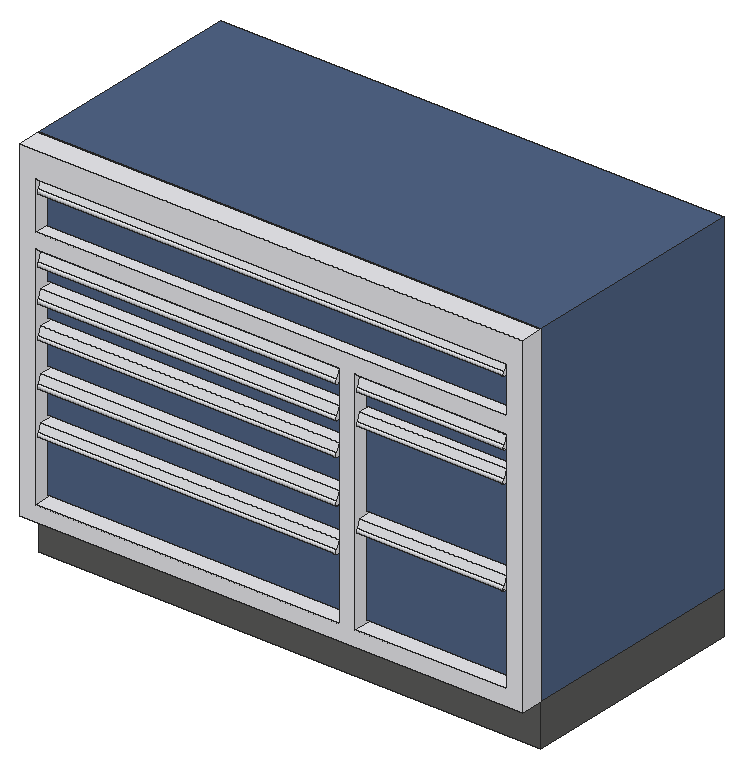
Revit family "Cabinet_Big-Drawer_No-Doors_Moduline", category Furniture, Revit 2023
Family settings
  OmniClass Number = 23.40.20.00
  OmniClass Title = General Furniture and Specialties
  Work Plane-Based = No
  Enable Cutting in Views = No
  Always vertical = Yes
  Cut with Voids When Loaded = No
  Render Appearance Source = Family Geometry
  Shared = No
  Room Calculation Point = No
Parameters (values of type "32"H x 24"D x 48"W")
  Width = 48.000"
  URL = "https://modulinecabinets.com"
  Toe Kick Material [instance] = Metal - Moduline Aluminum Cabinets - Black
  Toe Kick Height [instance] = if(Toe Kick 2in, 2.000", 4.000")  # 4.000"
  Toe Kick 4in [instance] = not(Toe Kick 2in)  # yes
  Toe Kick 2in [instance] = no
  Right Drawers Segment Length = if(Width = 48.000", 14.000", if(Width = 60.000", 22.500", 0.000"))  # 14.000"
  Product Page URL = "https://www.arcat.com/company/moduline-aluminum-cabinets-54175"
  Model = "Pro II Big Drawer Units"
  Manufacturer = "Moduline Aluminum Cabinets"
  Left Drawers Segment Length = if(Width = 60.000", 32.000", if(Width = 48.000", 28.500", 0.000"))  # 28.500"
  Keynote = "12 35 00"
  Height = 31.875"
  Handle Length = Width - 3.500"  # 44.500"
  Frame Material [instance] = Aluminum - Moduline Aluminum Cabinets - Clear Anodized
  Drawer Clearance = if(Depth = 24.000", 20.750", if(Depth = 18.000", 14.750", 0.000"))  # 20.750"
  Description = "Modular Big Drawer Unit, 32\" Height x 24\" Depth x 48\" Width"
  Depth = 24.000"  # constant formula
  Default Elevation = 0.000"
  Copyright = "ARCAT"
  Cabinet Material [instance] = Aluminum - Moduline Aluminum Cabinets - Moduline Blue
  36" Height Drawers Configuration = no
  32" Height Drawers Configuration = yes
Types (4): name | Width | Right Drawers Segment Length | Left Drawers Segment Length | Height | Handle Length | Description | 36" Height Drawers Configuration | 32" Height Drawers Configuration
  32"H x 24"D x 48"W | 48.000" | 14.000" | 28.500" | 31.875" | 44.500" | "Modular Big Drawer Unit, 32\" Height x 24\" Depth x 48\" Width" | no | yes
  36"H x 24"D x 60"W | 60.000" | 22.500" | 32.000" | 35.875" | 56.500" | "Modular Big Drawer Unit, 36\" Height x 24\" Depth x 60\" Width" | yes | no
  36"H x 24"D x 48"W | 48.000" | 14.000" | 28.500" | 35.875" | 44.500" | "Modular Big Drawer Unit, 36\" Height x 24\" Depth x 48\" Width" | yes | no
  32"H x 24"D x 60"W | 60.000" | 22.500" | 32.000" | 31.875" | 56.500" | "Modular Big Drawer Unit, 32\" Height x 24\" Depth x 60\" Width" | no | yes
Reference planes (in)
  plane 1 "Center Front/Back": y = 0
  plane 2 "Bottom": z = 0
  plane 3 "Center Left/Right": x = 0
  plane 4 "Top": z = 35.875
  plane 5 "Left": x = -24
  plane 6 "Right": x = 24
  plane 7 "Toe Kick Height": z = 4
  plane 8 "Front": y = -24
  plane 9 "Frame Back": y = -21.81448
  plane 10 "Drawer Handle": y = -22.31448
  plane 11 "Left Door/Drawer": x = -22.25
  plane 12 "Left Left Door/Drawer": x = 6.25
  plane 13 "Right Door/Drawer": x = 8.25
  plane 14 "Right Right Door/Drawer": x = 22.25
Forms (in)
  Extrusion 1, solid, material "Metal - Moduline Aluminum Cabinets - Black" <- "Toe Kick Material"
    sketch origin (0, 0, 0) x (0, 1, 0) y (0, 0, 1)
      loop
        line (-21.81448, 4) -> (-21.81448, 0) -> (0, 0) -> (0, 4) -> (-21.81448, 4)
    from -24 to 24
  Extrusion 2, solid, material "Aluminum - Moduline Aluminum Cabinets - Clear Anodized" <- "Frame Material"
    sketch origin (0, 0, 0) x (1, 0, 0) y (0, 0, 1)
      loop
        line (-24, 35.875) -> (-24, 4) -> (24, 4) -> (24, 35.875) -> (-24, 35.875)
      loop
        line (-22.5, 33.38183) -> (-22.5, 28.85618) -> (22.5, 28.85618) -> (22.5, 33.38183) -> (-22.5, 33.38183)
      loop
        line (-22.5, 5.5) -> (6.5, 5.5) -> (6.5, 27.36196) -> (-22.5, 27.36196) -> (-22.5, 5.5)
      loop
        line (22.5, 5.5) -> (22.5, 27.36196) -> (8, 27.36196) -> (8, 5.5) -> (22.5, 5.5)
    from 21.81448 to 24
  Extrusion 3, solid, material "Aluminum - Moduline Aluminum Cabinets - Moduline Blue" <- "Cabinet Material", visible <- "32" Height Drawers Configuration"
    sketch origin (0, 0, 0) x (1, 0, 0) y (0, 0, 1)
      loop
        line (-22.25, 12.14196) -> (-22.25, 5.9) -> (6.25, 5.9) -> (6.25, 12.14196) -> (-22.25, 12.14196)
      loop
        line (-22.25, 16.28696) -> (-22.25, 12.78696) -> (6.25, 12.78696) -> (6.25, 16.28696) -> (-22.25, 16.28696)
      loop
        line (-22.25, 16.93196) -> (6.25, 16.93196) -> (6.25, 20.43196) -> (-22.25, 20.43196) -> (-22.25, 16.93196)
      loop
        line (-22.25, 23.57696) -> (-22.25, 21.07696) -> (6.25, 21.07696) -> (6.25, 23.57696) -> (-22.25, 23.57696)
      loop
        line (-22.25, 24.22196) -> (6.25, 24.22196) -> (6.25, 26.72196) -> (-22.25, 26.72196) -> (-22.25, 24.22196)
      loop
        line (8.25, 14.64196) -> (8.25, 5.9) -> (22.25, 5.9) -> (22.25, 14.64196) -> (8.25, 14.64196)
      loop
        line (8.25, 23.78696) -> (8.25, 15.28696) -> (22.25, 15.28696) -> (22.25, 23.78696) -> (8.25, 23.78696)
      loop
        line (8.25, 24.22196) -> (22.25, 24.22196) -> (22.25, 26.72196) -> (8.25, 26.72196) -> (8.25, 24.22196)
      loop
        line (-22.25, 32.994) -> (-22.25, 28.994) -> (22.25, 28.994) -> (22.25, 32.994) -> (-22.25, 32.994)
    from 21.81448 to 22.89839
  Extrusion 4, solid, material "Aluminum - Moduline Aluminum Cabinets - Moduline Blue" <- "Cabinet Material"
    sketch origin (0, 0, 0) x (0, 1, 0) y (0, 0, 1)
      loop
        line (0, 35.875) -> (-21.81448, 35.875) -> (-21.81448, 4) -> (0, 4) -> (0, 35.875)
    from -24 to 24
  Extrusion 5, solid, material "Aluminum - Moduline Aluminum Cabinets - Moduline Blue" <- "Cabinet Material", visible <- "36" Height Drawers Configuration"
    sketch origin (0, -22.31448, 0) x (0, 0, 1) y (-1, 0, 0)
      loop
        line (36.999, 22.25) -> (32.999, 22.25) -> (32.999, -22.25) -> (36.999, -22.25) -> (36.999, 22.25)
      loop
        line (12.07196, 22.25) -> (5.9, 22.25) -> (5.9, -6.25) -> (12.07196, -6.25) -> (12.07196, 22.25)
      loop
        line (16.21696, 22.25) -> (12.71696, 22.25) -> (12.71696, -6.25) -> (16.21696, -6.25) -> (16.21696, 22.25)
      loop
        line (20.36196, 22.25) -> (16.86196, 22.25) -> (16.86196, -6.25) -> (20.36196, -6.25) -> (20.36196, 22.25)
      loop
        line (21.00696, 22.25) -> (21.00696, -6.25) -> (24.50696, -6.25) -> (24.50696, 22.25) -> (21.00696, 22.25)
      loop
        line (25.15196, 22.25) -> (25.15196, -6.25) -> (27.65196, -6.25) -> (27.65196, 22.25) -> (25.15196, 22.25)
      loop
        line (30.79696, 22.25) -> (28.29696, 22.25) -> (28.29696, -6.25) -> (30.79696, -6.25) -> (30.79696, 22.25)
      loop
        line (5.9, -8.25) -> (5.9, -22.25) -> (16.4, -22.25) -> (16.4, -8.25) -> (5.9, -8.25)
      loop
        line (30.555, -8.25) -> (28.055, -8.25) -> (28.055, -22.25) -> (30.555, -22.25) -> (30.555, -8.25)
      loop
        line (27.41781, -8.25) -> (16.91781, -8.25) -> (16.91781, -22.25) -> (27.41781, -22.25) -> (27.41781, -8.25)
    from -0.5 to 0.58391
Lines and regions (in)
  Masking region 1
    outline origin (0, 0, 0) x (1, 0, 0) y (0, 1, 0)
      loop
        line (-24, 0) -> (-24, -24) -> (24, -24) -> (24, 0) -> (-24, 0)
  model lines
    curve 1: line (24, 0, 35.3385) -> (24, 0, 35.50732)
  symbolic lines, style "FurnitureHiddenLines"
    curve 2: line (-24, -24, 35.875) -> (-24, -44.75, 35.875)
    curve 3: line (-24, -44.75, 35.875) -> (24, -44.75, 35.875)
    curve 4: line (24, -44.75, 35.875) -> (24, -24, 35.875)
Dimensions and locks (in)
  "Toe Kick Height": plane 7 "Toe Kick Height" to plane 2 "Bottom"
  "Height": plane 4 "Top" to plane 7 "Toe Kick Height"
  "Width": plane 6 "Right" to plane 5 "Left"
  equal spacing: plane 6 "Right", plane 3 "Center Left/Right", plane 5 "Left"
  locked: plane 8 "Front" to Extrusion 1 sketch curve at 2.18552
  plane 9 "Frame Back" to plane 8 "Front" = 2.18552"
  plane 9 "Frame Back" to plane 10 "Drawer Handle" = 0.500"
  "Depth": plane 8 "Front" to plane 1 "Center Front/Back"
  "Drawer Clearance": curve 3 to plane 8 "Front"
  plane 4 "Top" to Extrusion 2 sketch curve = 2.49317"
  plane 10 "Drawer Handle" to plane 8 "Front" = 1.68552"
  Extrusion 2 sketch curve to plane 6 "Right" = 16.000"
  Extrusion 2 sketch curve to plane 6 "Right" = 17.500"
  locked: plane 4 "Top" to Extrusion 2 sketch curve at 7.01882
  locked: plane 4 "Top" to Extrusion 2 sketch curve at 8.51304  (x2)
  plane 11 "Left Door/Drawer" to plane 5 "Left" = 1.750"
  "Left Drawers Segment Length": plane 12 "Left Left Door/Drawer" to plane 11 "Left Door/Drawer"
  locked: Extrusion 2 sketch curve to plane 12 "Left Left Door/Drawer" at 0.25
  locked: Extrusion 2 sketch curve to plane 12 "Left Left Door/Drawer" at 1.75
  locked: Extrusion 3 sketch curve to plane 12 "Left Left Door/Drawer" at 2  (x3)
  locked: plane 4 "Top" to nested 1 at 3.11233
  locked: plane 4 "Top" to nested 4 at 9.38938
  locked: plane 4 "Top" to nested 2 at 12.53438
  locked: plane 4 "Top" to nested 3 at 15.67938
  locked: plane 4 "Top" to nested 5 at 19.82438
  locked: plane 4 "Top" to nested 6 at 23.96938
  "Right Drawers Segment Length": plane 14 "Right Right Door/Drawer" to plane 13 "Right Door/Drawer"
  plane 6 "Right" to plane 14 "Right Right Door/Drawer" = 1.750"
  plane 13 "Right Door/Drawer" to plane 12 "Left Left Door/Drawer" = 2.000"
  locked: plane 4 "Top" to nested 7 at 9.38938
  locked: plane 4 "Top" to nested 8 at 12.32438  (x2)
  locked: plane 4 "Top" to nested 9 at 21.46938
  Extrusion 2 sketch curve to plane 13 "Right Door/Drawer" = 0.250"
  locked: plane 4 "Top" to Extrusion 3 sketch curve at 6.881
  locked: plane 4 "Top" to Extrusion 3 sketch curve at 2.881
  Extrusion 3 sketch curve to Extrusion 3 sketch curve = 2.500"  (x3)
  Extrusion 3 sketch curve to Extrusion 3 sketch curve = 3.500"  (x2)
  Extrusion 3 sketch curve to Extrusion 3 sketch curve = 6.24196"
  Extrusion 3 sketch curve to Extrusion 3 sketch curve = 8.74196"
  Extrusion 3 sketch curve to Extrusion 3 sketch curve = 8.500"
  locked: Extrusion 5 sketch curve to Extrusion 5 sketch curve at 4
  Extrusion 5 sketch curve to Extrusion 5 sketch curve = 2.500"  (x3)
  Extrusion 5 sketch curve to Extrusion 5 sketch curve = 3.500"  (x3)
  Extrusion 5 sketch curve to Extrusion 5 sketch curve = 6.17196"
  Extrusion 5 sketch curve to Extrusion 3 = 10.500"
  Extrusion 5 sketch curve to Extrusion 5 sketch curve = 10.500"
  locked: plane 4 "Top" to nested 10 at 9.31438
  locked: plane 4 "Top" to nested 11 at 12.45938
  locked: plane 4 "Top" to nested 12 at 15.60438
  locked: plane 4 "Top" to nested 13 at 19.74938
  locked: plane 4 "Top" to nested 14 at 23.89438
  locked: plane 4 "Top" to nested 15 at 28.03938
  locked: plane 4 "Top" to nested 16 at 9.31438
  locked: plane 4 "Top" to nested 18 at 23.46938
  Extrusion 3 sketch curve to Extrusion 2 = 0.400"
  aligned and locked: level to plane 2 "Bottom"
  aligned and locked: plane 7 "Toe Kick Height" to Extrusion 1 sketch curve
  aligned and locked: plane 1 "Center Front/Back" to Extrusion 1 sketch curve
  aligned and locked: plane 2 "Bottom" to Extrusion 1 sketch curve
  aligned and locked: plane 6 "Right" to Extrusion 1
  aligned and locked: Extrusion 1 to plane 5 "Left"
  aligned and locked: Extrusion 2 sketch curve to plane 4 "Top"
  aligned and locked: plane 5 "Left" to Extrusion 2 sketch curve
  aligned and locked: Extrusion 2 sketch curve to plane 6 "Right"
  aligned and locked: Extrusion 2 sketch curve to plane 7 "Toe Kick Height"
  aligned and locked: Extrusion 2 to plane 8 "Front"
  aligned and locked: plane 9 "Frame Back" to Extrusion 2
  aligned and locked: plane 9 "Frame Back" to Extrusion 3
  aligned and locked: Masking region 1 sketch curve to plane 6 "Right"
  aligned and locked: plane 1 "Center Front/Back" to Masking region 1 sketch curve
  aligned and locked: plane 5 "Left" to Masking region 1 sketch curve
  aligned and locked: plane 8 "Front" to Masking region 1 sketch curve
  aligned and locked: Extrusion 3 sketch curve to plane 12 "Left Left Door/Drawer"  (x3)
  aligned and locked: plane 12 "Left Left Door/Drawer" to Extrusion 3 sketch curve  (x2)
  aligned and locked: Extrusion 3 sketch curve to plane 11 "Left Door/Drawer"  (x2)
  aligned and locked: plane 11 "Left Door/Drawer" to Extrusion 3 sketch curve  (x3)
  aligned and locked: plane 12 "Left Left Door/Drawer" to nested 4
  aligned and locked: plane 11 "Left Door/Drawer" to nested 4
  aligned and locked: plane 11 "Left Door/Drawer" to nested 2
  aligned and locked: plane 12 "Left Left Door/Drawer" to nested 2
  aligned and locked: plane 12 "Left Left Door/Drawer" to nested 3
  aligned and locked: plane 11 "Left Door/Drawer" to nested 3
  aligned and locked: plane 11 "Left Door/Drawer" to nested 5
  aligned and locked: plane 12 "Left Left Door/Drawer" to nested 5
  aligned and locked: plane 11 "Left Door/Drawer" to nested 6
  aligned and locked: plane 12 "Left Left Door/Drawer" to nested 6
  aligned and locked: plane 11 "Left Door/Drawer" to nested 1
  aligned and locked: plane 14 "Right Right Door/Drawer" to nested 1
  aligned and locked: plane 14 "Right Right Door/Drawer" to nested 7
  aligned and locked: plane 14 "Right Right Door/Drawer" to nested 8
  aligned and locked: plane 14 "Right Right Door/Drawer" to nested 9
  aligned and locked: plane 1 "Center Front/Back" to Extrusion 4 sketch curve
  aligned and locked: Extrusion 4 sketch curve to plane 4 "Top"
  aligned and locked: Extrusion 4 sketch curve to plane 7 "Toe Kick Height"
  aligned and locked: plane 9 "Frame Back" to Extrusion 4 sketch curve
  aligned and locked: plane 6 "Right" to Extrusion 4
  aligned and locked: Extrusion 4 to plane 5 "Left"
  aligned and locked: plane 11 "Left Door/Drawer" to Extrusion 5 sketch curve  (x4)
  aligned and locked: Extrusion 5 sketch curve to plane 14 "Right Right Door/Drawer"  (x2)
  aligned and locked: Extrusion 5 sketch curve to plane 12 "Left Left Door/Drawer"  (x3)
  aligned and locked: Extrusion 5 sketch curve to plane 11 "Left Door/Drawer"
  aligned and locked: plane 12 "Left Left Door/Drawer" to Extrusion 5 sketch curve
  aligned and locked: Extrusion 5 sketch curve to plane 13 "Right Door/Drawer"
  aligned and locked: plane 14 "Right Right Door/Drawer" to Extrusion 5 sketch curve
  aligned and locked: plane 13 "Right Door/Drawer" to Extrusion 5 sketch curve
  aligned and locked: Extrusion 5 to Extrusion 1
  aligned and locked: plane 11 "Left Door/Drawer" to nested 10
  aligned and locked: plane 12 "Left Left Door/Drawer" to nested 10
  aligned and locked: plane 12 "Left Left Door/Drawer" to nested 11
  aligned and locked: plane 11 "Left Door/Drawer" to nested 11
  aligned and locked: plane 11 "Left Door/Drawer" to nested 12
  aligned and locked: plane 12 "Left Left Door/Drawer" to nested 12
  aligned and locked: plane 12 "Left Left Door/Drawer" to nested 13
  aligned and locked: plane 11 "Left Door/Drawer" to nested 13
  aligned and locked: plane 11 "Left Door/Drawer" to nested 14
  aligned and locked: plane 12 "Left Left Door/Drawer" to nested 14
  aligned and locked: plane 11 "Left Door/Drawer" to nested 15
  aligned and locked: plane 12 "Left Left Door/Drawer" to nested 15
  aligned and locked: plane 13 "Right Door/Drawer" to nested 17
  aligned and locked: plane 14 "Right Right Door/Drawer" to nested 17
  aligned and locked: plane 13 "Right Door/Drawer" to nested 18
  aligned and locked: plane 14 "Right Right Door/Drawer" to nested 18
  aligned and locked: plane 13 "Right Door/Drawer" to nested 16
  aligned and locked: plane 14 "Right Right Door/Drawer" to nested 16
Automatic sketch dimensions
  Extrusion 3 sketch curve to plane 14 "Right Right Door/Drawer" = 0.000"  (x4)
  Extrusion 3 sketch curve to Extrusion 3 sketch curve = 0.645"  (x5)
  Extrusion 3 sketch curve to Extrusion 3 sketch curve = 0.435"
  Extrusion 3 sketch curve to Extrusion 3 sketch curve = 0.000"
  Extrusion 3 sketch curve to plane 11 "Left Door/Drawer" = 0.000"
  curve 1 to plane 6 "Right" = 0.000"
  curve 1 to plane 4 "Top" = 0.5365"
  curve 1 to curve 1 = 0.16882"
  Extrusion 2 sketch curve to plane 11 "Left Door/Drawer" = 0.250"  (x2)
  Extrusion 2 sketch curve to plane 6 "Right" = 1.500"  (x2)
  Extrusion 2 sketch curve to plane 7 "Toe Kick Height" = 1.500"  (x2)
  Extrusion 5 sketch curve to plane 13 "Right Door/Drawer" = 0.000"
  Extrusion 5 sketch curve to plane 14 "Right Right Door/Drawer" = 0.000"
  Extrusion 5 sketch curve to plane 11 "Left Door/Drawer" = 0.000"  (x2)
  Extrusion 5 sketch curve to plane 12 "Left Left Door/Drawer" = 0.000"  (x2)
  Extrusion 5 sketch curve to plane 7 "Toe Kick Height" = 1.900"  (x2)
  Extrusion 5 sketch curve to Extrusion 5 sketch curve = 0.645"  (x5)
  Extrusion 5 sketch curve to Extrusion 5 sketch curve = 0.51781"
  Extrusion 5 sketch curve to Extrusion 5 sketch curve = 0.63719"
  Extrusion 5 sketch curve to Extrusion 5 sketch curve = 2.20205"
  curve 4 to plane 6 "Right" = 0.000"
  curve 3 to plane 5 "Left" = 0.000"
  curve 4 to plane 8 "Front" = 0.000"
  curve 2 to plane 8 "Front" = 0.000"
Nested families (in)
  nested 1: "NEST_QuickDraw-Single_Action_Latch_System" at (0, -22.31448, 32.76267) x (1, 0, 0) z (0, -1, 0), Drawer Handle Material <- "Frame Material", type "NEST_QuickDraw-Single_Action_Latch_System"
    with Length 44.500", Drawer Handle Material Aluminum - Moduline Aluminum Cabinets - Clear Anodized
  nested 2: "NEST_QuickDraw-Single_Action_Latch_System" at (-8, -22.31448, 23.34062) x (1, 0, 0) z (0, -1, 0), Drawer Handle Material <- "Frame Material", Length <- "Left Drawers Segment Length", visible <- "32" Height Drawers Configuration", type "NEST_QuickDraw-Single_Action_Latch_System"
    with Length 28.500", Drawer Handle Material Aluminum - Moduline Aluminum Cabinets - Clear Anodized
  nested 3: "NEST_QuickDraw-Single_Action_Latch_System" at (-8, -22.31448, 20.19562) x (1, 0, 0) z (0, -1, 0), Drawer Handle Material <- "Frame Material", Length <- "Left Drawers Segment Length", visible <- "32" Height Drawers Configuration", type "NEST_QuickDraw-Single_Action_Latch_System"
    with Length 28.500", Drawer Handle Material Aluminum - Moduline Aluminum Cabinets - Clear Anodized
  nested 4: "NEST_QuickDraw-Single_Action_Latch_System" at (-8, -22.31448, 26.48562) x (1, 0, 0) z (0, -1, 0), Drawer Handle Material <- "Frame Material", Length <- "Left Drawers Segment Length", visible <- "32" Height Drawers Configuration", type "NEST_QuickDraw-Single_Action_Latch_System"
    with Length 28.500", Drawer Handle Material Aluminum - Moduline Aluminum Cabinets - Clear Anodized
  nested 5: "NEST_QuickDraw-Single_Action_Latch_System" at (-8, -22.31448, 16.05062) x (1, 0, 0) z (0, -1, 0), Drawer Handle Material <- "Frame Material", Length <- "Left Drawers Segment Length", visible <- "32" Height Drawers Configuration", type "NEST_QuickDraw-Single_Action_Latch_System"
    with Length 28.500", Drawer Handle Material Aluminum - Moduline Aluminum Cabinets - Clear Anodized
  nested 6: "NEST_QuickDraw-Single_Action_Latch_System" at (-8, -22.31448, 11.90562) x (1, 0, 0) z (0, -1, 0), Drawer Handle Material <- "Frame Material", Length <- "Left Drawers Segment Length", visible <- "32" Height Drawers Configuration", type "NEST_QuickDraw-Single_Action_Latch_System"
    with Length 28.500", Drawer Handle Material Aluminum - Moduline Aluminum Cabinets - Clear Anodized
  nested 7: "NEST_QuickDraw-Single_Action_Latch_System" at (15.25, -22.31448, 26.48562) x (1, 0, 0) z (0, -1, 0), Drawer Handle Material <- "Frame Material", Length <- "Right Drawers Segment Length", visible <- "32" Height Drawers Configuration", type "NEST_QuickDraw-Single_Action_Latch_System"
    with Length 14.000", Drawer Handle Material Aluminum - Moduline Aluminum Cabinets - Clear Anodized
  nested 8: "NEST_QuickDraw-Single_Action_Latch_System" at (15.25, -22.31448, 23.55062) x (1, 0, 0) z (0, -1, 0), Drawer Handle Material <- "Frame Material", Length <- "Right Drawers Segment Length", visible <- "32" Height Drawers Configuration", type "NEST_QuickDraw-Single_Action_Latch_System"
    with Length 14.000", Drawer Handle Material Aluminum - Moduline Aluminum Cabinets - Clear Anodized
  nested 9: "NEST_QuickDraw-Single_Action_Latch_System" at (15.25, -22.31448, 14.40562) x (1, 0, 0) z (0, -1, 0), Drawer Handle Material <- "Frame Material", Length <- "Right Drawers Segment Length", visible <- "32" Height Drawers Configuration", type "NEST_QuickDraw-Single_Action_Latch_System"
    with Length 14.000", Drawer Handle Material Aluminum - Moduline Aluminum Cabinets - Clear Anodized
  nested 10: "NEST_QuickDraw-Single_Action_Latch_System" at (-8, -22.31448, 26.56062) x (1, 0, 0) z (0, -1, 0), visible <- "36" Height Drawers Configuration", Drawer Handle Material <- "Frame Material", Length <- "Left Drawers Segment Length", type "NEST_QuickDraw-Single_Action_Latch_System"
    with Length 28.500", Drawer Handle Material Aluminum - Moduline Aluminum Cabinets - Clear Anodized
  nested 11: "NEST_QuickDraw-Single_Action_Latch_System" at (-8, -22.31448, 23.41562) x (1, 0, 0) z (0, -1, 0), Length <- "Left Drawers Segment Length", Drawer Handle Material <- "Frame Material", visible <- "36" Height Drawers Configuration", type "NEST_QuickDraw-Single_Action_Latch_System"
    with Length 28.500", Drawer Handle Material Aluminum - Moduline Aluminum Cabinets - Clear Anodized
  nested 12: "NEST_QuickDraw-Single_Action_Latch_System" at (-8, -22.31448, 20.27062) x (1, 0, 0) z (0, -1, 0), visible <- "36" Height Drawers Configuration", Drawer Handle Material <- "Frame Material", Length <- "Left Drawers Segment Length", type "NEST_QuickDraw-Single_Action_Latch_System"
    with Length 28.500", Drawer Handle Material Aluminum - Moduline Aluminum Cabinets - Clear Anodized
  nested 13: "NEST_QuickDraw-Single_Action_Latch_System" at (-8, -22.31448, 16.12562) x (1, 0, 0) z (0, -1, 0), visible <- "36" Height Drawers Configuration", Drawer Handle Material <- "Frame Material", Length <- "Left Drawers Segment Length", type "NEST_QuickDraw-Single_Action_Latch_System"
    with Length 28.500", Drawer Handle Material Aluminum - Moduline Aluminum Cabinets - Clear Anodized
  nested 14: "NEST_QuickDraw-Single_Action_Latch_System" at (-8, -22.31448, 11.98062) x (1, 0, 0) z (0, -1, 0), visible <- "36" Height Drawers Configuration", Drawer Handle Material <- "Frame Material", Length <- "Left Drawers Segment Length", type "NEST_QuickDraw-Single_Action_Latch_System"
    with Length 28.500", Drawer Handle Material Aluminum - Moduline Aluminum Cabinets - Clear Anodized
  nested 15: "NEST_QuickDraw-Single_Action_Latch_System" at (-8, -22.31448, 7.83562) x (1, 0, 0) z (0, -1, 0), visible <- "36" Height Drawers Configuration", Drawer Handle Material <- "Frame Material", Length <- "Left Drawers Segment Length", type "NEST_QuickDraw-Single_Action_Latch_System"
    with Length 28.500", Drawer Handle Material Aluminum - Moduline Aluminum Cabinets - Clear Anodized
  nested 16: "NEST_QuickDraw-Single_Action_Latch_System" at (15.25, -22.31448, 26.56062) x (1, 0, 0) z (0, -1, 0), visible <- "36" Height Drawers Configuration", Drawer Handle Material <- "Frame Material", Length <- "Right Drawers Segment Length", type "NEST_QuickDraw-Single_Action_Latch_System"
    with Length 14.000", Drawer Handle Material Aluminum - Moduline Aluminum Cabinets - Clear Anodized
  nested 17: "NEST_QuickDraw-Single_Action_Latch_System" at (15.25, -21.81448, 23.42343) x (1, 0, 0) z (0, -1, 0), visible <- "36" Height Drawers Configuration", Drawer Handle Material <- "Frame Material", Length <- "Right Drawers Segment Length", type "NEST_QuickDraw-Single_Action_Latch_System"
    with Length 14.000", Drawer Handle Material Aluminum - Moduline Aluminum Cabinets - Clear Anodized
  nested 18: "NEST_QuickDraw-Single_Action_Latch_System" at (15.25, -22.31448, 12.40562) x (1, 0, 0) z (0, -1, 0), visible <- "36" Height Drawers Configuration", Drawer Handle Material <- "Frame Material", Length <- "Right Drawers Segment Length", type "NEST_QuickDraw-Single_Action_Latch_System"
    with Length 14.000", Drawer Handle Material Aluminum - Moduline Aluminum Cabinets - Clear Anodized
Definition of nested family "NEST_QuickDraw-Single_Action_Latch_System"
  Parameters (values of type "NEST_QuickDraw-Single_Action_Latch_System")
    Length [instance] = 32.29395"
    Drawer Handle Material [instance] = none
    Default Elevation = 48.000"
  Reference planes (in)
    plane 1 "Center (Front/Back)": y = 0
    plane 2: z = 0
    plane 3 "Center (Left/Right)": x = 0
    plane 4: x = 16.14697
    plane 5: x = -16.14697
  Forms (in)
    Extrusion 1, solid
      sketch origin (0, 0, 0) x (1, 0, 0) y (0, 1, 0)
        loop
          line (-48, 48) -> (-48, -48) -> (48, -48) -> (48, 48) -> (-48, 48)
      from 0 to -12
    Extrusion 2, solid, material <- "Drawer Handle Material"
      sketch origin (0.42706, -2.62559, -0.04495) x (0, 1, 0) y (0, 0, 1)
        loop
          line (3.19475, 0.04495) -> (3.19475, 1.41644) -> (2.42653, 1.66605)
          arc (2.42653, 1.66605) -> (2.07868, 1.7476) -> (2.33745, 1.50125) r 0.18511
          line (2.33745, 1.50125) -> (2.85692, 1.33246) -> (2.85692, 0.04495) -> (3.19475, 0.04495)
      from -16.57403 to 15.71991
  Dimensions and locks (in)
    equal spacing: plane 5, plane 3 "Center (Left/Right)", plane 4
    "Length": plane 5 to plane 4
    aligned and locked: plane 2 to Extrusion 1
    aligned and locked: level to Extrusion 1
    aligned and locked: plane 2 to Extrusion 2 sketch curve
    aligned and locked: plane 5 to Extrusion 2
    aligned and locked: plane 4 to Extrusion 2
  Automatic sketch dimensions
    Extrusion 1 sketch curve to Extrusion 1 sketch curve = 96.000"  (x2)
    Extrusion 2 sketch curve to Extrusion 2 sketch curve = 0.09592"
    Extrusion 2 sketch curve to Extrusion 2 sketch curve = 0.185"
    Extrusion 2 sketch curve to Extrusion 2 sketch curve = 0.51947"
    Extrusion 2 sketch curve to Extrusion 2 sketch curve = 0.33783"
    Extrusion 2 sketch curve to Extrusion 2 sketch curve = 1.28751"
    Extrusion 2 sketch curve to Extrusion 2 sketch curve = 0.08398"
    Extrusion 2 sketch curve to Extrusion 2 sketch curve = 0.16879"
    Extrusion 2 sketch curve to Extrusion 2 sketch curve = 0.15832"
    plane 1 "Center (Front/Back)" to Extrusion 2 sketch curve = 0.38405"
